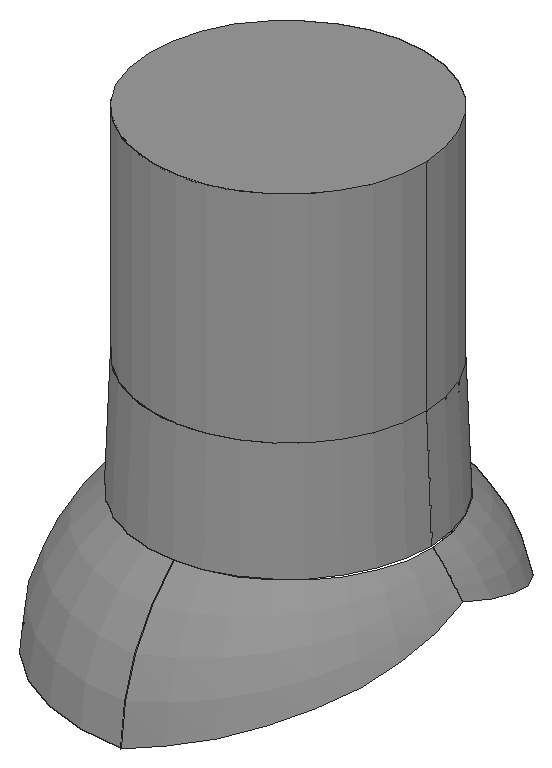
Revit family "узел прохода 160", category Обобщенные модели, Revit 2022
Family settings
  Может служить основой для арматурных стержней = Нет
  Размер круглого соединителя = Использовать диаметр
  Тип детали = Нормальный
  На основе рабочей плоскости = Нет
  Всегда вертикально = Да
  При загрузке вырезать с полостями = Нет
  Сохранять ориентацию аннотаций = Нет
  Общий = Нет
  Точка принадлежности помещению = Нет
Parameters
  Отметка по умолчанию = 500 mm
  ADSK_Наименование краткое = "ВВ"  # constant formula
  ADSK_Наименование = "Вентиляционный выход неизолированный 160 мм\r"  # constant formula
  ADSK_Материал наименование = "АБС-пластик"  # constant formula
  ADSK_Масса = 0.7
  ADSK_Завод-изготовитель = "GERVENT"  # constant formula
Reference planes
  plane 1 "По центру (Вперед/Назад)": y = 0
  plane 2: z = 0
  plane 3 "По центру (Влево/Вправо)": x = 0
  plane 4: z = 309.061
  plane 5: z = -309.061
Forms (mm)
  Extrusion 1, solid, material "Полиэтилен, высокая плотность"
    sketch origin (0, 0, 0) x (1, 0, 0) y (0, 1, 0)
      loop
        circle (0, 0) r 81
    from 0 to 200
  Blend 2, solid, material "Полиэтилен, высокая плотность"
    base sketch origin (0, 0, 0) x (1, 0, 0) y (0, 1, 0)
      loop
        circle (0, 0) r 83.75
    top sketch origin (0, 0, 0) x (1, 0, 0) y (0, 1, 0)
      loop
        circle (0, 0) r 81
    from 0 to 70
  Sweep 3, solid, material "Полиэтилен, высокая плотность"
    path origin (0, 0, 0) x (1, 0, 0) y (0, 1, 0)
      loop
        arc (0, 83.75) -> (-83.75, 0) -> (0, -83.75) r 83.75
    profile origin (-83.75, 0, 0) x (1, 0, 0) y (0, 0, 1)
      loop
        arc (0, 0) -> (-27.936, -36.766) -> (-38.652, -81.68) r 111.92
        arc (-38.652, -81.68) -> (-21.79, -39.674) -> (0, 0) r 375.792
  SweptBlend 4, solid, material "Полиэтилен, высокая плотность"
    path origin (0, 0, 0) x (1, 0, 0) y (0, 1, 0)
      loop
        arc (0, 83.75) -> (59.22, 59.22) -> (83.75, 0) r 83.75
    profile origin (0, 83.75, 0) x (0, 1, 0) y (0, 0, 1)
      loop
        arc (0, 0) -> (21.79, -39.674) -> (38.652, -81.68) r 375.792
        arc (38.652, -81.68) -> (27.936, -36.766) -> (0, 0) r 111.92
    end profile origin (83.75, 0, 0) x (1, 0, 0) y (0, 0, 1)
      loop
        line (0.885, -0.916) -> (18.061, -22.899)
        arc (18.061, -22.899) -> (10.026, -11.476) -> (0.885, -0.916) r 139.087
  SweptBlend 5, solid, material "Полиэтилен, высокая плотность"
    path origin (0, 0, 0) x (1, 0, 0) y (0, -1, 0)
      loop
        arc (0, 83.75) -> (59.22, 59.22) -> (83.75, 0) r 83.75
    profile origin (0, -83.75, 0) x (0, 1, 0) y (0, 0, 1)
      loop
        arc (0, 0) -> (-27.936, -36.766) -> (-38.652, -81.68) r 111.92
        arc (-38.652, -81.68) -> (-21.79, -39.674) -> (0, 0) r 375.792
    end profile origin (83.75, 0, 0) x (-1, 0, 0) y (0, 0, 1)
      loop
        arc (-0.885, -0.916) -> (-10.026, -11.476) -> (-18.061, -22.899) r 139.087
        line (-18.061, -22.899) -> (-0.885, -0.916)
Dimensions and locks
  aligned and locked: level to plane 2
Connectors
  hvac at (0, 0, 200)
    settings: on Extrusion 1, index 1, duct flow 0.0 L/s, flow factor 0, pres drop 0.0 Pa, loss coef 0, conn angle 0.00°, conn width 304.8 mm, conn height 304.8 mm, conn diameter 160 mm, duct sys type 29, conn prof type 0, flow config 0, flow direction 0, loss method 0, conn ref index -1, conn util no, is conn primary yes, conn desc ""
  hvac at (0, 0, 0)
    settings: on Extrusion 1, index 2, duct flow 0.0 L/s, flow factor 0, pres drop 0.0 Pa, loss coef 0, conn angle 0.00°, conn width 304.8 mm, conn height 304.8 mm, conn diameter 160 mm, duct sys type 29, conn prof type 0, flow config 0, flow direction 0, loss method 0, conn ref index -1, conn util no, is conn primary no, conn desc ""
